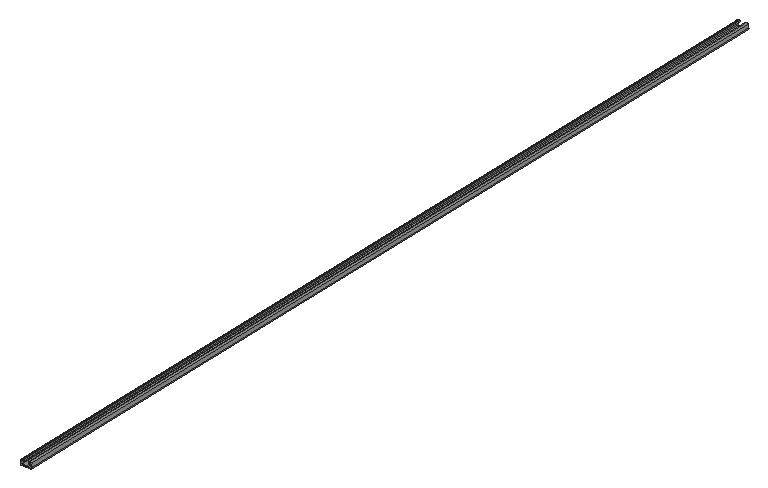
Revit family "Profilschiene", category Generic Models, Revit 2015
Parameters (values of type "2066 2M FS")
  Width/2 = 12.5 mm
  Width 1 = 5.5 mm
  Width = 25 mm
  URL = "http://www.obo-bettermann.com"
  Radius = 0.8 mm
  Material = Steel, Galvanized
  Manufacturer Art.No. = "1117033"
  Manufacturer = "OBO Bettermann"
  Length = 2000 mm
  Height 1 = 1.5 mm
  Height = 12 mm
  GTIN = "4012195046578"
  Article Type = "CL2512UP2000FS"
Types (3, lengths in mm): name | Material | Manufacturer Art.No. | GTIN | Article Type
  (no name) | Steel, Galvanized | "1117033" | "4012195046578" | "CL2512UP2000FS"
  2066 2M FT | OBO Hot - dip galvanized | "1117025" | "4012195046516" | "CL2512UP2000FT"
  2066 2M FS | Steel, Galvanized | "1117033" | "4012195046578" | "CL2512UP2000FS"
Reference planes
  plane 1 "Center (Front/Back)": y = 0
  plane 2: z = 0
  plane 3 "Center (Left/Right)": x = 0
  plane 4: x = 12.5
  plane 5: y = 2000
Forms (mm)
  Extrusion 1, solid, material "Steel, Galvanized" <- "Material"
    sketch origin (0, 0, 0) x (1, 0, 0) y (0, 0, 1)
      loop
        line (0, 0) -> (10.167, 0)
        arc (10.167, 0) -> (11.977, 0.863) -> (12.445, 2.813) r 2.329
        line (12.445, 2.813) -> (10.884, 10.157)
        arc (10.884, 10.157) -> (10.073, 11.482) -> (8.609, 12) r 2.326
        line (8.609, 12) -> (5.5, 12) -> (5.5, 10.5) -> (8.609, 10.5)
        arc (8.609, 10.5) -> (9.129, 10.316) -> (9.417, 9.846) r 0.826
        line (9.417, 9.846) -> (10.978, 2.501)
        arc (10.978, 2.501) -> (10.811, 1.807) -> (10.167, 1.5) r 0.829
        line (10.167, 1.5) -> (0, 1.5) -> (-10.167, 1.5)
        arc (-10.167, 1.5) -> (-10.811, 1.807) -> (-10.978, 2.501) r 0.829
        line (-10.978, 2.501) -> (-9.417, 9.846)
        arc (-9.417, 9.846) -> (-9.129, 10.316) -> (-8.609, 10.5) r 0.826
        line (-8.609, 10.5) -> (-5.5, 10.5) -> (-5.5, 12) -> (-8.609, 12)
        arc (-8.609, 12) -> (-10.073, 11.482) -> (-10.884, 10.157) r 2.326
        line (-10.884, 10.157) -> (-12.445, 2.813)
        arc (-12.445, 2.813) -> (-11.977, 0.863) -> (-10.167, 0) r 2.329
        line (-10.167, 0) -> (0, 0)
    from -2000 to 0
Dimensions and locks
  "Width/2": plane 4 to plane 3 "Center (Left/Right)"
  "Height": Extrusion 1 sketch curve to Extrusion 1 sketch curve  (x2)
  "Width 1": Extrusion 1 sketch curve to plane 3 "Center (Left/Right)"
  "Length": plane 5 to plane 1 "Center (Front/Back)"
  locked: plane 4 to Extrusion 1 sketch curve (angle 12.00°)
  aligned and locked: level to plane 2
  aligned and locked: Extrusion 1 sketch curve to level
  aligned and locked: plane 5 to Extrusion 1
  aligned and locked: plane 1 "Center (Front/Back)" to Extrusion 1
Automatic sketch dimensions
  Extrusion 1 sketch curve to Extrusion 1 sketch curve = 0 mm  (x8)
  Extrusion 1 sketch curve to plane 3 "Center (Left/Right)" = 0 mm  (x2)
  Extrusion 1 sketch curve to plane 3 "Center (Left/Right)" = 5.5 mm
  Extrusion 1 sketch curve to Extrusion 1 sketch curve = 3.109 mm  (x2)
  Extrusion 1 sketch curve to Extrusion 1 sketch curve = 0.808 mm  (x2)
  Extrusion 1 sketch curve to Extrusion 1 sketch curve = 1.559 mm
  Extrusion 1 sketch curve to Extrusion 1 sketch curve = 1.467 mm  (x3)
  level to Extrusion 1 sketch curve = 2.501 mm
  Extrusion 1 sketch curve to Extrusion 1 sketch curve = 0.811 mm  (x2)
  level to Extrusion 1 sketch curve = 2.813 mm
  plane 4 to Extrusion 1 sketch curve = 2.333 mm
  plane 4 to Extrusion 1 sketch curve = 0.055 mm
  Extrusion 1 sketch curve to Extrusion 1 sketch curve = 0.829 mm
  Extrusion 1 sketch curve to Extrusion 1 sketch curve = 2.326 mm
  Extrusion 1 sketch curve to Extrusion 1 sketch curve = 0.172 mm  (x2)
